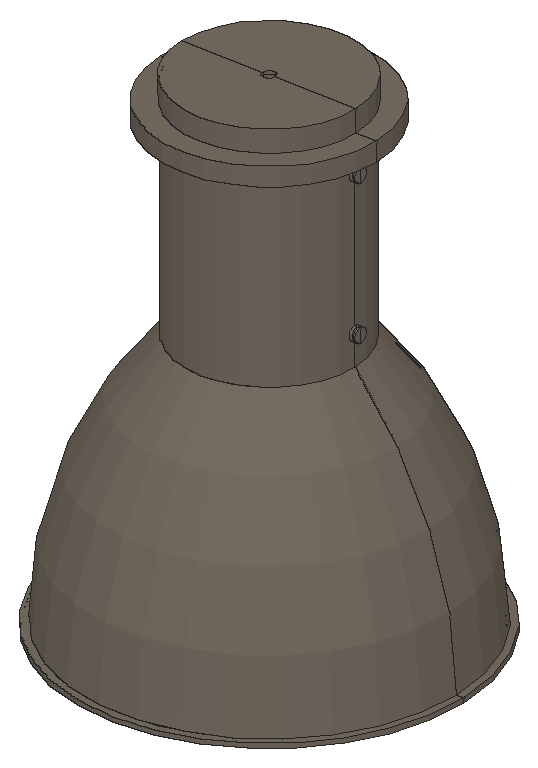
Revit family "FAP16", category Lighting Fixtures, Revit 2024
Family settings
  Round Connector Dimension = Use Diameter
  Part Type = Normal
  OmniClass Number = 23.80.70.00
  OmniClass Title = Lighting
  Work Plane-Based = No
  Always vertical = Yes
  Cut with Voids When Loaded = No
  Light Source = No
  Maintain Annotation Orientation = No
  Shared = No
  Room Calculation Point = No
Parameters
  Default Elevation = 0' - 0"
Reference planes (in)
  plane 1 "Light Source Axis (F/B)": y = 0
  plane 2: z = 0
  plane 3 "Light Source Axis (L/R)": x = 0
  plane 4 "Light Source Elevation": z = 54
Forms (in)
  Revolve 1, solid, material "21P"
    sketch origin (0, 0, 0) x (1, 0, 0) y (0, 0, 1)
      loop
        line (0.25, 74.25) -> (0.25, 74.15625) -> (3.46875, 74.15625) -> (3.46875, 73.28125) -> (4.34375, 73.28125) -> (4.34375, 72.71875) -> (3.75, 72.71875)
        arc (3.75, 72.71875) -> (3.50693, 72.61807) -> (3.40625, 72.375) r 0.34375
        line (3.40625, 72.375) -> (3.40625, 64.71268)
        arc (3.40625, 64.71268) -> (6.53306, 59.81551) -> (7.61171, 54.10625) r 15.32218
        line (7.61171, 54.10625) -> (7.90625, 54.10625) -> (7.90625, 54) -> (8, 54) -> (8, 54.2) -> (7.70555, 54.2)
        arc (7.70555, 54.2) -> (6.60974, 59.87641) -> (3.5, 64.75) r 15.41593
        line (3.5, 64.75) -> (3.5, 72.375)
        arc (3.5, 72.375) -> (3.57322, 72.55178) -> (3.75, 72.625) r 0.25
        line (3.75, 72.625) -> (4.4375, 72.625) -> (4.4375, 73.375) -> (3.5625, 73.375) -> (3.5625, 74.25) -> (0.25, 74.25)
      axis (0, 74.25) -> (0, 54)
    angle from 0 to 360
  Revolve 2, solid, material "21P"
    sketch origin (0, 0, 0) x (1, 0, 0) y (0, 0, 1)
      loop
        line (3.5, 71.875) -> (3.75, 71.875) -> (3.75, 72.145) -> (3.686, 72.145) -> (3.686, 72.105)
        arc (3.686, 72.105) -> (3.633, 72.052) -> (3.58, 72.105) r 0.053
        arc (3.58, 72.105) -> (3.54, 72.145) -> (3.5, 72.105) r 0.04
        line (3.5, 72.105) -> (3.5, 71.875)
      axis (3.75, 71.875) -> (3.5, 71.875)
    angle from 0 to 360
  Revolve 3, solid, material "21P"
    sketch origin (0, 0, -5.875) x (1, 0, 0) y (0, 0, 1)
      loop
        line (3.5, 71.875) -> (3.75, 71.875) -> (3.75, 72.145) -> (3.686, 72.145) -> (3.686, 72.105)
        arc (3.686, 72.105) -> (3.633, 72.052) -> (3.58, 72.105) r 0.053
        arc (3.58, 72.105) -> (3.54, 72.145) -> (3.5, 72.105) r 0.04
        line (3.5, 72.105) -> (3.5, 71.875)
      axis (3.75, 71.875) -> (3.5, 71.875)
    angle from 0 to 360
  Revolve 4, solid, material "21P"
    sketch origin (0, 0, 0) x (-1, 0, 0) y (0, 0, -1)
      loop
        line (3.5, -71.875) -> (3.5, -72.105)
        arc (3.5, -72.105) -> (3.54, -72.145) -> (3.58, -72.105) r 0.04
        arc (3.58, -72.105) -> (3.633, -72.052) -> (3.686, -72.105) r 0.053
        line (3.686, -72.105) -> (3.686, -72.145) -> (3.75, -72.145) -> (3.75, -71.875) -> (3.5, -71.875)
      axis (3.75, -71.875) -> (3.5, -71.875)
    angle from 0 to 360
  Revolve 5, solid, material "21P"
    sketch origin (0, 0, -5.875) x (-1, 0, 0) y (0, 0, -1)
      loop
        line (3.5, -71.875) -> (3.5, -72.105)
        arc (3.5, -72.105) -> (3.54, -72.145) -> (3.58, -72.105) r 0.04
        arc (3.58, -72.105) -> (3.633, -72.052) -> (3.686, -72.105) r 0.053
        line (3.686, -72.105) -> (3.686, -72.145) -> (3.75, -72.145) -> (3.75, -71.875) -> (3.5, -71.875)
      axis (3.75, -71.875) -> (3.5, -71.875)
    angle from 0 to 360
Dimensions and locks (in)
  aligned and locked: level to plane 2
